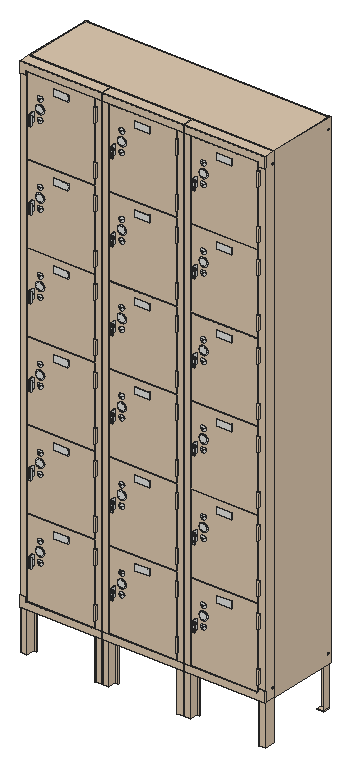
Revit family "Metal_Vented_Lockers-Salsbury_Industries-75000_76000_Series-3_Wide_Units", category Specialty Equipment, Revit 2024 (continued)
Nested families (in)
  nested 21: "Metal Locker Sloping Corner Filler" at (-19.1475, 1.8245, 77.71223), type <- "Sloping Top Corner Filler - Left Side", type "None"
  nested 22: "Vented Metal Locker Doors-12 inch with Latch Hasps" at (11.99976, -5.555, 7.09027), type <- "Door Location D1", type "Six Tier Door - 6 foot"
  nested 23: "Vented Metal Locker Doors-12 inch with Latch Hasps" at (-0.01383, -5.555, 7.09027), type <- "Door Location D1", type "Six Tier Door - 6 foot"
  nested 24: "Vented Metal Locker Doors-12 inch with Latch Hasps" at (-12.02717, -5.555, 7.09027), type <- "Door Location D1", type "Six Tier Door - 6 foot"
  nested 25: "Metal Locker Sloping Hood" at (4.595, 2.137, 78), type <- "Sloping Hood", type "None"
  nested 26: "Vented Metal Locker Doors-12 inch with Latch Hasps" at (11.99976, -5.555, 18.74776), type <- "Door Location D1", type "Six Tier Door - 6 foot"
  nested 27: "Vented Metal Locker Doors-12 inch with Latch Hasps" at (-0.01383, -5.555, 18.74776), type <- "Door Location D1", type "Six Tier Door - 6 foot"
  nested 28: "Vented Metal Locker Doors-12 inch with Latch Hasps" at (-12.02717, -5.555, 18.74776), type <- "Door Location D1", type "Six Tier Door - 6 foot"
  nested 29: "Vented Metal Locker Doors-12 inch with Latch Hasps" at (11.99976, -5.555, 30.40676), type <- "Door Location D1", type "Six Tier Door - 6 foot"
  nested 30: "Vented Metal Locker Doors-12 inch with Latch Hasps" at (-0.01383, -5.555, 30.40676), type <- "Door Location D1", type "Six Tier Door - 6 foot"
  nested 31: "Vented Metal Locker Doors-12 inch with Latch Hasps" at (-12.02717, -5.555, 30.40676), type <- "Door Location D1", type "Six Tier Door - 6 foot"
  nested 32: "Vented Metal Locker Doors-12 inch with Latch Hasps" at (11.99976, -5.555, 42.06376), type <- "Door Location D1", type "Six Tier Door - 6 foot"
  nested 33: "Vented Metal Locker Doors-12 inch with Latch Hasps" at (-0.01383, -5.555, 42.06376), type <- "Door Location D1", type "Six Tier Door - 6 foot"
  nested 34: "Vented Metal Locker Doors-12 inch with Latch Hasps" at (-12.02717, -5.555, 42.06376), type <- "Door Location D1", type "Six Tier Door - 6 foot"
  nested 35: "Vented Metal Locker Doors-12 inch with Latch Hasps" at (11.99976, -5.555, 53.72076), type <- "Door Location D1", type "Six Tier Door - 6 foot"
  nested 36: "Vented Metal Locker Doors-12 inch with Latch Hasps" at (-0.01383, -5.555, 53.72076), type <- "Door Location D1", type "Six Tier Door - 6 foot"
  nested 37: "Vented Metal Locker Doors-12 inch with Latch Hasps" at (-12.02717, -5.555, 53.72076), type <- "Door Location D1", type "Six Tier Door - 6 foot"
  nested 38: "Vented Metal Locker Doors-12 inch with Latch Hasps" at (11.99976, -5.555, 65.37776), type <- "Door Location D1", visible <- "Top Row of Doors", type "Six Tier Door - 6 foot"
  nested 39: "Vented Metal Locker Doors-12 inch with Latch Hasps" at (-0.01383, -5.555, 65.37776), type <- "Door Location D1", visible <- "Top Row of Doors", type "Six Tier Door - 6 foot"
  nested 40: "Vented Metal Locker Doors-12 inch with Latch Hasps" at (-12.02717, -5.555, 65.37776), type <- "Door Location D1", visible <- "Top Row of Doors", type "Six Tier Door - 6 foot"
  nested 41: "Vents" at (18.02, -2.385, 4.96051) x (0, 1, 0) z (0, 0, 1), type <- "Vent Configuration Height", type "6 foot high vents"
  nested 42: "Vents" at (18.02, -1.791, 5.80051) x (0, 1, 0) z (0, 0, 1), type <- "Vent Configuration Height", type "6 foot high vents"
  nested 43: "Vents" at (18.02, -1.198, 4.96051) x (0, 1, 0) z (0, 0, 1), type <- "Vent Configuration Height", type "6 foot high vents"
  nested 44: "Vents" at (18.02, -0.011, 4.96051) x (0, 1, 0) z (0, 0, 1), type <- "Vent Configuration Height", type "6 foot high vents"
  nested 45: "Vents" at (18.02, 1.176, 4.96051) x (0, 1, 0) z (0, 0, 1), type <- "Vent Configuration Height", type "6 foot high vents"
  nested 46: "Vents" at (18.02, 2.363, 4.96051) x (0, 1, 0) z (0, 0, 1), type <- "Vent Configuration Height", type "6 foot high vents"
  nested 47: "Vents" at (18.02, 3.55, 4.96051) x (0, 1, 0) z (0, 0, 1), type <- "Vent Configuration Height", type "6 foot high vents"
  nested 48: "Vents" at (18.02, -0.604, 5.80051) x (0, 1, 0) z (0, 0, 1), type <- "Vent Configuration Height", type "6 foot high vents"
  nested 49: "Vents" at (18.02, 0.583, 5.80051) x (0, 1, 0) z (0, 0, 1), type <- "Vent Configuration Height", type "6 foot high vents"
  nested 50: "Vents" at (18.02, 1.77, 5.80051) x (0, 1, 0) z (0, 0, 1), type <- "Vent Configuration Height", type "6 foot high vents"
  nested 51: "Vents" at (18.02, 2.957, 5.80051) x (0, 1, 0) z (0, 0, 1), type <- "Vent Configuration Height", type "6 foot high vents"
  nested 52: "Vents" at (-18.02, -2.385, 4.96051) x (0, 1, 0) z (0, 0, 1), type <- "Vent Configuration Height", type "6 foot high vents"
  nested 53: "Vents" at (-18.02, -1.791, 5.80051) x (0, 1, 0) z (0, 0, 1), type <- "Vent Configuration Height", type "6 foot high vents"
  nested 54: "Vents" at (-18.02, -1.198, 4.96051) x (0, 1, 0) z (0, 0, 1), type <- "Vent Configuration Height", type "6 foot high vents"
  nested 55: "Vents" at (-18.02, -0.011, 4.96051) x (0, 1, 0) z (0, 0, 1), type <- "Vent Configuration Height", type "6 foot high vents"
  nested 56: "Vents" at (-18.02, 1.176, 4.96051) x (0, 1, 0) z (0, 0, 1), type <- "Vent Configuration Height", type "6 foot high vents"
  nested 57: "Vents" at (-18.02, 2.363, 4.96051) x (0, 1, 0) z (0, 0, 1), type <- "Vent Configuration Height", type "6 foot high vents"
  nested 58: "Vents" at (-18.02, 3.55, 4.96051) x (0, 1, 0) z (0, 0, 1), type <- "Vent Configuration Height", type "6 foot high vents"
  nested 59: "Vents" at (-18.02, -0.604, 5.80051) x (0, 1, 0) z (0, 0, 1), type <- "Vent Configuration Height", type "6 foot high vents"
  nested 60: "Vents" at (-18.02, 0.583, 5.80051) x (0, 1, 0) z (0, 0, 1), type <- "Vent Configuration Height", type "6 foot high vents"
  nested 61: "Vents" at (-18.02, 1.77, 5.80051) x (0, 1, 0) z (0, 0, 1), type <- "Vent Configuration Height", type "6 foot high vents"
  nested 62: "Vents" at (-18.02, 2.957, 5.80051) x (0, 1, 0) z (0, 0, 1), type <- "Vent Configuration Height", type "6 foot high vents"
Definition of nested family "Metal Locker Legs - 3 Wide"
  Parameters (values of type "6" High - 45"W x 18"D")
    Width = 45.040"
    Visible = yes
    Version = "1.0 (11/30/15)"
    Type Comments = "Standard Metal Locker Legs"
    Primary Structure Material = none
    Model = "n/a"
    MasterFormat Title = ""
    MasterFormat Number = ""
    Manufacturer = "Salsbury Industries"
    Description = "45\"W x 6\" H x 18\"D"
    Depth = 18.010"
    Height = 6.000"
    Default Elevation = 0.000"
    Assembly Code = ""
  Types (6): name | Width | Visible | Type Comments | Description | Depth
    6" High - 36" W x 12" D | 36.040" | yes | "Standard Metal Locker Legs" | "36\"W x 6\" H x 12\"D" | 12.010"
    6" High - 36" W x 15" D | 36.040" | yes | "Standard Metal Locker Legs" | "36\"W x 6\" H x 15\"D" | 15.010"
    6" High - 36"W x 18"D | 36.040" | yes | "Standard Metal Locker Legs" | "36\"W x 6\" H x 18\"D" | 18.010"
    6" High - 45"W x 15"D | 45.040" | yes | "Standard Metal Locker Legs" | "45\"W x 6\" H x 15\"D" | 15.010"
    6" High - 45"W x 18"D | 45.040" | yes | "Standard Metal Locker Legs" | "45\"W x 6\" H x 18\"D" | 18.010"
    No Legs | 36.040" | no | "No Legs" | "" | 12.010"
  Reference planes (in)
    plane 1 "Center (Front/Back)": y = 0
    plane 2: z = 0
    plane 3 "Center (Left/Right)": x = 0
    plane 4 "Floor": z = 0
    plane 5 "Bottom of Unit": z = 6
    plane 6 "Left Side of Unit": x = -22.52
    plane 7 "Right Side of Unit": x = 22.52
    plane 8 "Back of Unit": y = 9.005
    plane 9 "Front of Unit": y = -9.005
    plane 10 "Right Side of Door Opening": x = 21.52
    plane 11 "Left Side of Door Opening": x = -21.52
    plane 12 "Top of back legs": z = 6.185
    plane 13 "Back Edge of Front Facing": y = -7.417
    plane 14 "Inside Edge of Front Leg": x = -21.08
    plane 15 "Inside Edge of Right Leg": x = 21.08
    plane 16: y = -7.82
    plane 17 "Back Edge of Rear Legs": y = 8.895
    plane 18 "Right Edge of Rear Right Leg": x = 22.4
    plane 19 "Left Edge or Rear Left Leg": x = -22.4
    plane 20: y = 7.895
    plane 21 "Inside Edge or Rear Right Leg": x = 21.4
    plane 22 "Inside Edge or Left Rear Leg": x = -21.4
    plane 23: x = 7.50667
    plane 24: x = -7.50667
  Forms (in)
    Extrusion 1, solid, material <- "Primary Structure Material", visible <- "Visible"
      sketch origin (0, 0, 0) x (0, -1, 0) y (1, 0, 0)
        loop
          line (7.417, 22.52) -> (7.417, 22.46) -> (8.945, 22.46) -> (8.945, 21.58) -> (7.76, 21.58) -> (7.76, 21.08) -> (7.82, 21.08) -> (7.82, 21.52) -> (9.005, 21.52) -> (9.005, 22.52) -> (7.417, 22.52)
      from 0 to 6
    Extrusion 2, solid, material <- "Primary Structure Material", visible <- "Visible"
      sketch origin (0, 0, 0) x (0, -1, 0) y (1, 0, 0)
        loop
          line (7.417, -22.52) -> (9.005, -22.52) -> (9.005, -21.52) -> (7.82, -21.52) -> (7.82, -21.08) -> (7.76, -21.08) -> (7.76, -21.58) -> (8.945, -21.58) -> (8.945, -22.46) -> (7.417, -22.46) -> (7.417, -22.52)
      from 0 to 6
    Extrusion 3, solid, material <- "Primary Structure Material", visible <- "Visible"
      sketch origin (0, 0, 0) x (0, -1, 0) y (1, 0, 0)
        loop
          line (-8.895, 22.4) -> (-8.895, 21.4) -> (-8.835, 21.4) -> (-8.835, 22.34) -> (-7.895, 22.34) -> (-7.895, 22.4) -> (-8.895, 22.4)
      from 0.06 to 6.185
    Extrusion 4, solid, material <- "Primary Structure Material", visible <- "Visible"
      sketch origin (0, 0, 0) x (0, -1, 0) y (1, 0, 0)
        loop
          line (-8.895, 22.4) -> (-8.895, 21.4) -> (-7.895, 21.4) -> (-7.895, 22.4) -> (-8.895, 22.4)
      from 0 to 0.06
    Extrusion 5, solid, material <- "Primary Structure Material", visible <- "Visible"
      sketch origin (0, 0, 0) x (0, -1, 0) y (1, 0, 0)
        loop
          line (-8.895, -22.4) -> (-7.895, -22.4) -> (-7.895, -22.34) -> (-8.835, -22.34) -> (-8.835, -21.4) -> (-8.895, -21.4) -> (-8.895, -22.4)
      from 0.06 to 6.185
    Extrusion 6, solid, material <- "Primary Structure Material", visible <- "Visible"
      sketch origin (0, 0, 0) x (0, -1, 0) y (1, 0, 0)
        loop
          line (-8.895, -22.4) -> (-7.895, -22.4) -> (-7.895, -21.4) -> (-8.895, -21.4) -> (-8.895, -22.4)
      from 0 to 0.06
    Extrusion 7, solid, material <- "Primary Structure Material", visible <- "Visible"
      sketch origin (12, 0, 0) x (0, -1, 0) y (1, 0, 0)
        loop
          line (7.417, -19.50667) -> (9.005, -19.50667) -> (9.005, -18.50667) -> (7.82, -18.50667) -> (7.82, -18.06667) -> (7.76, -18.06667) -> (7.76, -18.56667) -> (8.945, -18.56667) -> (8.945, -19.44667) -> (7.417, -19.44667) -> (7.417, -19.50667)
      from 0 to 6
    Extrusion 8, solid, material <- "Primary Structure Material", visible <- "Visible"
      sketch origin (24.04, 0, 0) x (0, -1, 0) y (1, 0, 0)
        loop
          line (7.417, -16.53333) -> (9.005, -16.53333) -> (9.005, -15.53333) -> (7.82, -15.53333) -> (7.82, -15.09333) -> (7.76, -15.09333) -> (7.76, -15.59333) -> (8.945, -15.59333) -> (8.945, -16.47333) -> (7.417, -16.47333) -> (7.417, -16.53333)
      from 0 to 6
    Extrusion 9, solid, material <- "Primary Structure Material", visible <- "Visible"
      sketch origin (-12, 0, 0) x (0, -1, 0) y (1, 0, 0)
        loop
          line (7.417, 19.50667) -> (7.417, 19.44667) -> (8.945, 19.44667) -> (8.945, 18.56667) -> (7.76, 18.56667) -> (7.76, 18.06667) -> (7.82, 18.06667) -> (7.82, 18.50667) -> (9.005, 18.50667) -> (9.005, 19.50667) -> (7.417, 19.50667)
      from 0 to 6
    Extrusion 10, solid, material <- "Primary Structure Material", visible <- "Visible"
      sketch origin (-24.04, 0, 0) x (0, -1, 0) y (1, 0, 0)
        loop
          line (7.417, 16.53333) -> (7.417, 16.47333) -> (8.945, 16.47333) -> (8.945, 15.59333) -> (7.76, 15.59333) -> (7.76, 15.09333) -> (7.82, 15.09333) -> (7.82, 15.53333) -> (9.005, 15.53333) -> (9.005, 16.53333) -> (7.417, 16.53333)
      from 0 to 6
  Dimensions and locks (in)
    equal spacing: plane 6 "Left Side of Unit", plane 3 "Center (Left/Right)", plane 7 "Right Side of Unit"
    "Width": plane 6 "Left Side of Unit" to plane 7 "Right Side of Unit"
    "Height": plane 5 "Bottom of Unit" to plane 4 "Floor"
    equal spacing: plane 9 "Front of Unit", plane 1 "Center (Front/Back)", plane 8 "Back of Unit"
    "Depth": plane 9 "Front of Unit" to plane 8 "Back of Unit"
    plane 12 "Top of back legs" to plane 5 "Bottom of Unit" = 0.185"
    plane 6 "Left Side of Unit" to plane 11 "Left Side of Door Opening" = 1.000"
    plane 10 "Right Side of Door Opening" to plane 7 "Right Side of Unit" = 1.000"
    locked: plane 9 "Front of Unit" to plane 13 "Back Edge of Front Facing" at 1.588
    plane 11 "Left Side of Door Opening" to plane 14 "Inside Edge of Front Leg" = 0.440"
    plane 15 "Inside Edge of Right Leg" to plane 10 "Right Side of Door Opening" = 0.440"
    plane 9 "Front of Unit" to plane 16 = 1.185"
    plane 15 "Inside Edge of Right Leg" to plane 21 "Inside Edge or Rear Right Leg" to plane 10 "Right Side of Door Opening" to plane 18 "Right Edge of Rear Right Leg" to plane 7 "Right Side of Unit" = 0.320", 0.120", 0.880", 0.120"
    plane 6 "Left Side of Unit" to plane 19 "Left Edge or Rear Left Leg" to plane 11 "Left Side of Door Opening" to plane 22 "Inside Edge or Left Rear Leg" to plane 14 "Inside Edge of Front Leg" = 0.120", 0.880", 0.120", 0.320"
    plane 20 to plane 17 "Back Edge of Rear Legs" to plane 8 "Back of Unit" = 1.000", 0.110"
    equal spacing: plane 6 "Left Side of Unit", plane 24, plane 23, plane 7 "Right Side of Unit"
    aligned and locked: level to plane 2
    aligned and locked: Extrusion 3 to Extrusion 4
    aligned and locked: Extrusion 6 to Extrusion 5
    aligned and locked: Extrusion 3 to plane 18 "Right Edge of Rear Right Leg"
    aligned and locked: Extrusion 3 to plane 17 "Back Edge of Rear Legs"
    aligned and locked: Extrusion 5 to plane 19 "Left Edge or Rear Left Leg"
    aligned and locked: plane 17 "Back Edge of Rear Legs" to Extrusion 5
    aligned and locked: plane 5 "Bottom of Unit" to Extrusion 2
    aligned and locked: Extrusion 1 to plane 5 "Bottom of Unit"
    aligned and locked: Extrusion 3 to plane 12 "Top of back legs"
    aligned and locked: plane 12 "Top of back legs" to Extrusion 5
  Automatic sketch dimensions
    plane 13 "Back Edge of Front Facing" to Extrusion 1 sketch curve = 0.000"
    Extrusion 1 sketch curve to plane 15 "Inside Edge of Right Leg" = 0.000"
    plane 16 to Extrusion 1 sketch curve = 0.000"
    Extrusion 1 sketch curve to plane 7 "Right Side of Unit" = 0.000"
    plane 9 "Front of Unit" to Extrusion 1 sketch curve = 0.000"
    Extrusion 1 sketch curve to plane 10 "Right Side of Door Opening" = 0.000"
    Extrusion 1 sketch curve to plane 16 = 0.060"
    Extrusion 1 sketch curve to plane 9 "Front of Unit" = 0.060"
    Extrusion 1 sketch curve to plane 10 "Right Side of Door Opening" = 0.060"
    plane 7 "Right Side of Unit" to Extrusion 1 sketch curve = 0.060"
    Extrusion 2 sketch curve to plane 13 "Back Edge of Front Facing" = 0.000"
    Extrusion 2 sketch curve to plane 14 "Inside Edge of Front Leg" = 0.000"
    Extrusion 2 sketch curve to plane 16 = 0.000"
    Extrusion 2 sketch curve to plane 6 "Left Side of Unit" = 0.000"
    Extrusion 2 sketch curve to plane 9 "Front of Unit" = 0.000"
    Extrusion 2 sketch curve to plane 11 "Left Side of Door Opening" = 0.000"
    plane 16 to Extrusion 2 sketch curve = 0.060"
    plane 9 "Front of Unit" to Extrusion 2 sketch curve = 0.060"
    Extrusion 2 sketch curve to plane 11 "Left Side of Door Opening" = 0.060"
    plane 6 "Left Side of Unit" to Extrusion 2 sketch curve = 0.060"
    plane 17 "Back Edge of Rear Legs" to Extrusion 3 sketch curve = 0.000"
    Extrusion 3 sketch curve to plane 21 "Inside Edge or Rear Right Leg" = 0.000"
    Extrusion 3 sketch curve to plane 18 "Right Edge of Rear Right Leg" = 0.000"
    plane 20 to Extrusion 3 sketch curve = 0.000"
    plane 17 "Back Edge of Rear Legs" to Extrusion 3 sketch curve = 0.060"
    plane 18 "Right Edge of Rear Right Leg" to Extrusion 3 sketch curve = 0.060"
    plane 17 "Back Edge of Rear Legs" to Extrusion 4 sketch curve = 0.000"
    Extrusion 4 sketch curve to plane 18 "Right Edge of Rear Right Leg" = 0.000"
    plane 20 to Extrusion 4 sketch curve = 0.000"
    Extrusion 4 sketch curve to plane 21 "Inside Edge or Rear Right Leg" = 0.000"
    Extrusion 5 sketch curve to plane 17 "Back Edge of Rear Legs" = 0.000"
    Extrusion 5 sketch curve to plane 22 "Inside Edge or Left Rear Leg" = 0.000"
    Extrusion 5 sketch curve to plane 19 "Left Edge or Rear Left Leg" = 0.000"
    Extrusion 5 sketch curve to plane 20 = 0.000"
    Extrusion 5 sketch curve to plane 17 "Back Edge of Rear Legs" = 0.060"
    Extrusion 5 sketch curve to plane 19 "Left Edge or Rear Left Leg" = 0.060"
    Extrusion 6 sketch curve to plane 17 "Back Edge of Rear Legs" = 0.000"
    Extrusion 6 sketch curve to plane 19 "Left Edge or Rear Left Leg" = 0.000"
    Extrusion 6 sketch curve to plane 20 = 0.000"
    Extrusion 6 sketch curve to plane 22 "Inside Edge or Left Rear Leg" = 0.000"
    plane 13 "Back Edge of Front Facing" to Extrusion 7 sketch curve = 0.000"
    plane 16 to Extrusion 7 sketch curve = 0.000"
    plane 9 "Front of Unit" to Extrusion 7 sketch curve = 0.000"
    Extrusion 7 sketch curve to plane 24 = 0.000"
    plane 16 to Extrusion 7 sketch curve = 0.060"
    plane 9 "Front of Unit" to Extrusion 7 sketch curve = 0.060"
    plane 24 to Extrusion 7 sketch curve = 0.060"
    plane 24 to Extrusion 7 sketch curve = 0.940"
    Extrusion 7 sketch curve to Extrusion 7 sketch curve = 0.060"
    Extrusion 7 sketch curve to Extrusion 7 sketch curve = 0.440"
    plane 13 "Back Edge of Front Facing" to Extrusion 8 sketch curve = 0.000"
    plane 16 to Extrusion 8 sketch curve = 0.000"
    plane 9 "Front of Unit" to Extrusion 8 sketch curve = 0.000"
    Extrusion 8 sketch curve to plane 23 = 0.000"
    plane 16 to Extrusion 8 sketch curve = 0.060"
    plane 9 "Front of Unit" to Extrusion 8 sketch curve = 0.060"
    plane 23 to Extrusion 8 sketch curve = 0.060"
    plane 23 to Extrusion 8 sketch curve = 0.940"
    Extrusion 8 sketch curve to Extrusion 8 sketch curve = 0.060"
    Extrusion 8 sketch curve to Extrusion 8 sketch curve = 0.440"
    plane 13 "Back Edge of Front Facing" to Extrusion 9 sketch curve = 0.000"
    plane 16 to Extrusion 9 sketch curve = 0.000"
    plane 9 "Front of Unit" to Extrusion 9 sketch curve = 0.000"
    Extrusion 9 sketch curve to plane 23 = 0.000"
    Extrusion 9 sketch curve to plane 16 = 0.060"
    Extrusion 9 sketch curve to plane 9 "Front of Unit" = 0.060"
    plane 23 to Extrusion 9 sketch curve = 0.060"
    plane 23 to Extrusion 9 sketch curve = 0.940"
    Extrusion 9 sketch curve to Extrusion 9 sketch curve = 0.060"
    Extrusion 9 sketch curve to Extrusion 9 sketch curve = 0.440"
    plane 13 "Back Edge of Front Facing" to Extrusion 10 sketch curve = 0.000"
    plane 16 to Extrusion 10 sketch curve = 0.000"
    plane 9 "Front of Unit" to Extrusion 10 sketch curve = 0.000"
    Extrusion 10 sketch curve to plane 24 = 0.000"
    Extrusion 10 sketch curve to plane 16 = 0.060"
    Extrusion 10 sketch curve to plane 9 "Front of Unit" = 0.060"
    plane 24 to Extrusion 10 sketch curve = 0.060"
    plane 24 to Extrusion 10 sketch curve = 0.940"
    Extrusion 10 sketch curve to Extrusion 10 sketch curve = 0.060"
    Extrusion 10 sketch curve to Extrusion 10 sketch curve = 0.440"
Definition of nested family "Vented Metal Locker Doors-12 inch with Latch Hasps"
  Parameters (values of type "Four Tier Door - 6 foot")
    Width = 9.901"
    Visible = yes
    Vent Array Spacing = 1.187"
    Vent Array 2 = if(Height = 17.360", 10, if(Height = 14.360", 8, if(Height = 11.532", 6, if(Height = 11.463", 6, 0))))  # 10
    Vent Array 1 = Vent Array 2  # 10
    Primary Structure Material = none
    Louver Set Vertical Alignment = 5.710"
    Number Plate Alignment = 0.9375"
    Louver Width = 4.000"
    Hinge 2 Placement = 14.142"
    Hinge 1 Placement = 1.125"
    Height = 17.360"
    Hasp Plate Rivet Material = none
    Hasp Height = 1.438"
    First Vent Placement = 2.875"
    Depth = 0.900"
    Default Elevation = 0.000"
  Types (4): name | Vent Array 2 | Vent Array 1 | Louver Set Vertical Alignment | Hinge 2 Placement | Height | First Vent Placement
    Six Tier Door - 6 foot | 6 | 6 | 2.731" | 8.449" | 11.532" | 2.3925"
    Five Tier Door - 5 foot | 6 | 6 | 2.826" | 8.188" | 11.463" | 2.3925"
    Four Tier Door - 6 foot | 10 | 10 | 5.710" | 14.142" | 17.360" | 2.875"
    Four Tier Door - 5 foot | 8 | 8 | 4.240" | 11.142" | 14.360" | 2.625"
  Reference planes (in)
    plane 1 "Center (Front/Back)": y = 0
    plane 2 "Bottom of Door": z = 0
    plane 3 "Center (Left/Right)": x = 0
    plane 4 "Center (Top/Bottom)": z = 8.68
    plane 5 "Top of Door": z = 17.36
    plane 6 "Right Side of Door": x = 4.9505
    plane 7 "Left Side of Door": x = -4.9505
    plane 8 "Front of Door": y = -0.45
    plane 9 "Back of Door": y = 0.45
    plane 10 "Top of Number Plate": z = 16.4225
    plane 11 "Top of Hasp Alignment": z = 9.399
    plane 12 "Bottom of Hasp Alignment": z = 7.961
    plane 13 "Left Side of Louvers": x = -2
    plane 14 "Right Side of Louvers": x = 2
    plane 15 "Front of Louvers": y = -0.6375
    plane 16: x = -1.094
    plane 17: x = 1.094
    plane 18: z = 15.4225
    plane 19 "Center Hasp": x = -1.7755
    plane 20 "Top of Hinge 2": z = 3.218
    plane 21 "Top of Hinge 1": z = 16.235
    plane 22 "Left Hasp Hole Align": x = -4.263
    plane 23 "Right Hasp Hole Align": x = -4.013
    plane 24 "Center Hasp Stud Align": z = 10.09841
    plane 25 "Top Hasp Stud Align": z = 11.51682
    plane 26 "Vertical Hasp Stud Align": x = -3.076
    plane 27 "Vertical Center Hasp Align": x = -4.13777
    plane 28: z = 2.875
    plane 29: z = 3.46558
    plane 30: z = 4.062
    plane 31: z = 4.65258
  Forms (in)
    Extrusion 1, solid, material <- "Primary Structure Material", visible <- "Visible"
      sketch origin (0, 0, 0) x (1, 0, 0) y (0, 0, 1)
        loop
          line (-4.9505, 17.36) -> (-4.9505, 0) -> (4.9505, 0) -> (4.9505, 17.36) -> (-4.9505, 17.36)
      from -0.45 to 0.45
    Extrusion 2, solid, material <- "Hasp Plate Rivet Material", visible <- "Visible", detail levels medium+fine
      sketch origin (0, -0.45, 0) x (1, 0, 0) y (0, 0, 1)
        loop
          arc (-1.06847, 16.38695) -> (-1.10166, 15.92421) -> (-1.06847, 15.46147) r 3.2426
          arc (-1.06847, 15.46147) -> (0, 15.42272) -> (1.06847, 15.46147) r 14.75
          arc (1.06847, 15.46147) -> (1.10166, 15.92421) -> (1.06847, 16.38695) r 3.2426
          arc (1.06847, 16.38695) -> (0, 16.41487) -> (-1.06847, 16.38695) r 20.45441
      from 0 to 0.03497
    Extrusion 3, void
      sketch origin (-1.7755, -0.13281, 0.04687) x (0, 0, -1) y (0, -1, 0)
        loop
          circle (-8.35677, -0.16411) r 0.2
      from -0.163 to 0.163
    Extrusion 4, solid, material <- "Primary Structure Material", visible <- "Visible", detail levels medium+fine
      sketch origin (0, 0, 16.235) x (0, -1, 0) y (1, 0, 0)
        loop
          line (0.45, 4.9505) -> (0.575, 4.9505)
          arc (0.575, 4.9505) -> (0.7, 5.0755) -> (0.575, 5.2005) r 0.125
          line (0.575, 5.2005) -> (0.45, 5.2005) -> (0.45, 4.9505)
      from 0 to -2
    Extrusion 5, solid, material <- "Primary Structure Material", visible <- "Visible", detail levels medium+fine
      sketch origin (0, 0, 3.218) x (0, -1, 0) y (1, 0, 0)
        loop
          line (0.45, 4.9505) -> (0.575, 4.9505)
          arc (0.575, 4.9505) -> (0.7, 5.0755) -> (0.575, 5.2005) r 0.125
          line (0.575, 5.2005) -> (0.45, 5.2005) -> (0.45, 4.9505)
      from 0 to -2
    Extrusion 6, void
      sketch origin (0, -0.45, 0) x (1, 0, 0) y (0, 0, 1)
        loop
          line (-4.263, 9.399) -> (-4.263, 7.961) -> (-4.013, 7.961) -> (-4.013, 9.399) -> (-4.263, 9.399)
      from -0.9 to 0
    Blend 7, solid, material <- "Hasp Plate Rivet Material", visible <- "Visible", detail levels fine
      base sketch origin (0, -0.45, 0) x (1, 0, 0) y (0, 0, 1)
        loop
          circle (-3.076, 8.68) r 0.375
      top sketch origin (0, -0.45, 0) x (1, 0, 0) y (0, 0, 1)
        loop
          circle (-3.076, 8.68) r 0.09706
      from 0 to 0.03497
    Blend 8, solid, material <- "Hasp Plate Rivet Material", visible <- "Visible", detail levels fine
      base sketch origin (0, -0.45, 2.83682) x (1, 0, 0) y (0, 0, 1)
        loop
          circle (-3.076, 8.68) r 0.375
      top sketch origin (0, -0.45, 2.83682) x (1, 0, 0) y (0, 0, 1)
        loop
          circle (-3.076, 8.68) r 0.09706
      from 0 to 0.03497
    Blend 9, solid, material <- "Hasp Plate Rivet Material", visible <- "Visible", detail levels fine
      base sketch origin (0, -0.45, -0.16841) x (1, 0, 0) y (0, 0, 1)
        loop
          circle (-3.076, 10.26682) r 0.625
      top sketch origin (0, -0.45, -0.16841) x (1, 0, 0) y (0, 0, 1)
        loop
          circle (-3.076, 10.26682) r 0.58088
      from 0 to 0.03497
    Extrusion 10, solid, material <- "Hasp Plate Rivet Material", visible <- "Visible", detail levels fine
      sketch origin (0, 0, 7.961) x (0, -1, 0) y (1, 0, 0)
        loop
          line (-0.45, -4.07527) -> (-0.45, -4.13777) -> (1.2, -4.13777)
          arc (1.2, -4.13777) -> (1.24419, -4.11946) -> (1.2625, -4.07527) r 0.0625
          line (1.2625, -4.07527) -> (1.2625, -3.76277) -> (1.20579, -3.76277) -> (1.20579, -4.0127)
          arc (1.20579, -4.0127) -> (1.18746, -4.05694) -> (1.14322, -4.07527) r 0.06257
          line (1.14322, -4.07527) -> (-0.45, -4.07527)
      from 0 to 1.438
    Extrusion 11, solid, material <- "Hasp Plate Rivet Material", visible <- "Visible", detail levels fine
      sketch origin (0, 0, 7.961) x (0, -1, 0) y (1, 0, 0)
        loop
          line (-0.45, -4.20027) -> (1.2625, -4.20027) -> (1.2625, -4.13777) -> (-0.45, -4.13777) -> (-0.45, -4.20027)
      from 0 to 1.438
    Extrusion 12, void
      sketch origin (-4.013, 0, 0) x (0, 0, -1) y (0, -1, 0)
        loop
          circle (-8.68, 0.82219) r 0.375
      from 0 to 0.25
  Cuts and joins
    Extrusion 3, Extrusion 6 cuts Extrusion 1
    Extrusion 12 cuts Extrusion 10
    Extrusion 12 cuts Extrusion 11
  Lines and regions (in)
    symbolic lines
      curve 1: line (-4.20027, -0.44719, 7.961) -> (-4.20027, -1.2625, 7.961)
      curve 2: line (-4.20027, -1.2625, 7.961) -> (-4.13777, -1.2625, 7.961)
      curve 3: line (-4.13777, -1.2625, 7.961) -> (-4.13777, -0.45, 7.961)
      curve 4: line (-4.07527, -0.44719, 7.961) -> (-4.07527, -1.14322, 7.961)
      curve 5: line (-4.0127, -1.20579, 7.961) -> (-3.76277, -1.20579, 7.961)
      curve 6: line (-3.76277, -1.20579, 7.961) -> (-3.76277, -1.2625, 7.961)
      curve 7: line (-3.76277, -1.2625, 7.961) -> (-4.07527, -1.2625, 7.961)
      curve 8: arc (-4.07527, -1.14322, 7.961) -> (-4.05694, -1.18746, 7.961) -> (-4.0127, -1.20579, 7.961) r 0.06257
      curve 9: arc (-4.07527, -1.2625, 7.961) -> (-4.11946, -1.24419, 7.961) -> (-4.13777, -1.2, 7.961) r 0.0625
      curve 10: line (-4.013, -0.45, 9.40058) -> (-4.013, -1.26256, 9.40058)
      curve 11: line (-4.013, -1.26256, 9.40058) -> (-4.013, -1.26256, 7.9612)
      curve 12: line (-4.013, -1.26256, 7.9612) -> (-4.013, -0.45309, 7.9612)
      curve 13: line (-4.263, -0.45, 9.399) -> (-4.20027, -0.45, 9.399)
      curve 14: line (-4.263, -0.45, 7.961) -> (-4.263, -0.45, 9.399)
      curve 15: line (-4.20027, -0.45, 7.961) -> (-4.263, -0.45, 7.961)
      curve 16: line (-4.20027, -0.45, 9.399) -> (-4.20027, -0.45, 7.961)
      curve 17: line (-4.20027, -0.45, 9.399) -> (-3.76277, -0.45, 9.399)
      curve 18: line (-4.20027, -0.45, 7.961) -> (-3.76277, -0.45, 7.961)
      curve 19: line (-3.76277, -0.45, 9.399) -> (-3.76277, -0.45, 7.961)
      curve 20: circle (-3.076, -0.45, 11.51682) r 0.371 normal (0, -1, 0)
      curve 21: circle (-3.076, -0.45, 8.68) r 0.375 normal (0, -1, 0)
      curve 22: circle (-3.076, -0.45, 10.09841) r 0.62368 normal (0, -1, 0)
      curve 23: line (-4.9505, -0.45, 17.36) -> (4.9505, -0.45, 17.36)
      curve 24: line (-4.9505, -0.45, 0) -> (-4.9505, -0.45, 17.36)
      curve 25: line (4.9505, -0.45, 0) -> (-4.9505, -0.45, 0)
      curve 26: line (4.9505, -0.45, 17.36) -> (4.9505, -0.45, 0)
  Dimensions and locks (in)
    equal spacing: plane 5 "Top of Door", plane 4 "Center (Top/Bottom)", plane 2 "Bottom of Door"
    "Height": plane 5 "Top of Door" to plane 2 "Bottom of Door"
    equal spacing: plane 8 "Front of Door", plane 1 "Center (Front/Back)", plane 9 "Back of Door"
    "Depth": plane 8 "Front of Door" to plane 9 "Back of Door"
    equal spacing: plane 7 "Left Side of Door", plane 3 "Center (Left/Right)", plane 6 "Right Side of Door"
    "Width": plane 7 "Left Side of Door" to plane 6 "Right Side of Door"
    "Number Plate Alignment": plane 5 "Top of Door" to plane 10 "Top of Number Plate" to plane 18
    equal spacing: plane 13 "Left Side of Louvers", plane 3 "Center (Left/Right)", plane 14 "Right Side of Louvers"
    "Louver Width": plane 13 "Left Side of Louvers" to plane 14 "Right Side of Louvers"
    plane 25 "Top Hasp Stud Align" to plane 24 "Center Hasp Stud Align" to plane 11 "Top of Hasp Alignment" to plane 4 "Center (Top/Bottom)" to plane 12 "Bottom of Hasp Alignment" = 1.41841", 0.69941", 0.719", 0.719"
    "Hasp Height": plane 11 "Top of Hasp Alignment" to plane 12 "Bottom of Hasp Alignment"
    locked: plane 15 "Front of Louvers" to plane 8 "Front of Door" at 0.1875
    plane 16 to plane 3 "Center (Left/Right)" to plane 17 = 1.094" locked, 1.094" locked
    "Hinge 1 Placement": plane 5 "Top of Door" to plane 21 "Top of Hinge 1"
    "Hinge 2 Placement": plane 5 "Top of Door" to plane 20 "Top of Hinge 2"
    plane 7 "Left Side of Door" to plane 22 "Left Hasp Hole Align" to plane 23 "Right Hasp Hole Align" to plane 26 "Vertical Hasp Stud Align" = 0.6875" locked, 0.250" locked, 0.937" locked
    equal spacing: group 1, group 2, group 3, group 4, group 5, group 6, group 13, group 14, group 15, group 16  (x3)
    equal spacing: group 7, group 8, group 9, group 10, group 11, group 12, group 17, group 18, group 19, group 20  (x3)
    "Vent Array Spacing": plane 30 to plane 28
    "First Vent Placement": plane 28 to plane 2 "Bottom of Door"
    "Vent Array Spacing": plane 31 to plane 29
    locked: plane 29 to plane 28 at 0.59058
    aligned and locked: level to plane 2 "Bottom of Door"
    aligned and locked: plane 5 "Top of Door" to Extrusion 1 sketch curve
    aligned and locked: Extrusion 1 sketch curve to plane 7 "Left Side of Door"
    aligned and locked: plane 2 "Bottom of Door" to Extrusion 1 sketch curve
    aligned and locked: plane 6 "Right Side of Door" to Extrusion 1 sketch curve
    aligned and locked: plane 11 "Top of Hasp Alignment" to Extrusion 6 sketch curve
    aligned and locked: Extrusion 6 sketch curve to plane 22 "Left Hasp Hole Align"
    aligned and locked: Extrusion 6 sketch curve to plane 12 "Bottom of Hasp Alignment"
    aligned and locked: plane 23 "Right Hasp Hole Align" to Extrusion 6 sketch curve
    aligned and locked: plane 25 "Top Hasp Stud Align" to Blend 8 sketch curve  (x2)
    aligned and locked: plane 4 "Center (Top/Bottom)" to Blend 7 sketch curve  (x2)
    aligned and locked: plane 24 "Center Hasp Stud Align" to Blend 9 sketch curve  (x2)
    aligned and locked: plane 27 "Vertical Center Hasp Align" to Extrusion 11 sketch curve
    aligned and locked: plane 27 "Vertical Center Hasp Align" to Extrusion 10 sketch curve
    aligned and locked: plane 4 "Center (Top/Bottom)" to Extrusion 12 sketch curve
    aligned and locked: plane 3 "Center (Left/Right)" to nested 1
    aligned and locked: plane 28 to nested 2
    aligned and locked: plane 29 to nested 1
    aligned and locked: plane 30 to nested 3
    aligned and locked: plane 31 to nested 8
    aligned and locked: curve 1 to cut or joined group of Extrusion 11, Extrusion 12
    aligned and locked: curve 2 to cut or joined group of Extrusion 11, Extrusion 12
    aligned and locked: curve 3 to cut or joined group of Extrusion 11, Extrusion 12
    aligned and locked: cut or joined group of Extrusion 10, Extrusion 12 to curve 4
    aligned and locked: curve 5 to cut or joined group of Extrusion 10, Extrusion 12
    aligned and locked: curve 6 to cut or joined group of Extrusion 10, Extrusion 12
    aligned and locked: curve 7 to cut or joined group of Extrusion 10, Extrusion 12
    aligned and locked: curve 10 to nested 12  (x2)
    aligned and locked: curve 13 to cut or joined group of Extrusion 1, Extrusion 3, Extrusion 6
    aligned and locked: curve 14 to cut or joined group of Extrusion 1, Extrusion 3, Extrusion 6
    aligned and locked: cut or joined group of Extrusion 11, Extrusion 12 to curve 15
    aligned and locked: curve 16 to cut or joined group of Extrusion 11, Extrusion 12
    aligned and locked: curve 13 to curve 17
    aligned and locked: curve 19 to cut or joined group of Extrusion 10, Extrusion 12
    aligned and locked: curve 23 to cut or joined group of Extrusion 1, Extrusion 3, Extrusion 6
    aligned and locked: curve 25 to cut or joined group of Extrusion 1, Extrusion 3, Extrusion 6
    aligned and locked: curve 26 to cut or joined group of Extrusion 1, Extrusion 3, Extrusion 6
  Automatic sketch dimensions
    Extrusion 2 sketch curve to plane 3 "Center (Left/Right)" = 0.000"  (x2)
    plane 13 "Left Side of Louvers" to Extrusion 2 sketch curve = 0.14094"
    Extrusion 2 sketch curve to plane 14 "Right Side of Louvers" = 0.14094"
    Extrusion 2 sketch curve to level = 4.03954"
    plane 21 "Top of Hinge 1" to Extrusion 2 sketch curve = 0.31079"  (x2)
    Extrusion 2 sketch curve to plane 5 "Top of Door" = 12.81272"
    Extrusion 2 sketch curve to plane 16 = 0.02553"  (x2)
    plane 17 to Extrusion 2 sketch curve = 0.02553"
    Extrusion 2 sketch curve to plane 18 = 0.03897"
    Extrusion 3 sketch curve to plane 1 "Center (Front/Back)" = 0.0313"
    Extrusion 4 sketch curve to plane 6 "Right Side of Door" = 0.000"
    plane 8 "Front of Door" to Extrusion 4 sketch curve = 0.000"
    Extrusion 4 sketch curve to plane 15 "Front of Louvers" = 0.0625"
    Extrusion 4 sketch curve to plane 6 "Right Side of Door" = 0.125"
    Extrusion 5 sketch curve to plane 6 "Right Side of Door" = 0.000"
    plane 8 "Front of Door" to Extrusion 5 sketch curve = 0.000"
    Extrusion 5 sketch curve to plane 15 "Front of Louvers" = 0.0625"
    Extrusion 5 sketch curve to plane 6 "Right Side of Door" = 0.125"
    plane 26 "Vertical Hasp Stud Align" to Blend 7 sketch curve = 0.000"  (x2)
    plane 26 "Vertical Hasp Stud Align" to Blend 8 sketch curve = 0.000"  (x2)
    plane 26 "Vertical Hasp Stud Align" to Blend 9 sketch curve = 0.000"  (x2)
    Extrusion 10 sketch curve to plane 1 "Center (Front/Back)" = 0.450"
    plane 23 "Right Hasp Hole Align" to Extrusion 10 sketch curve = 0.06227"
    Extrusion 10 sketch curve to plane 23 "Right Hasp Hole Align" = 0.0003"
    plane 15 "Front of Louvers" to Extrusion 10 sketch curve = 0.50572"
    Extrusion 10 sketch curve to Extrusion 10 sketch curve = 0.05678"
    Extrusion 10 sketch curve to Extrusion 10 sketch curve = 0.24993"
    plane 9 "Back of Door" to Extrusion 11 sketch curve = 0.000"
    plane 15 "Front of Louvers" to Extrusion 11 sketch curve = 0.625"
    Extrusion 11 sketch curve to plane 22 "Left Hasp Hole Align" = 0.06273"
    Extrusion 10 sketch curve to Extrusion 10 sketch curve = 0.06257"
    plane 15 "Front of Louvers" to Extrusion 12 sketch curve = 0.18469"
    plane 4 "Center (Top/Bottom)" to Extrusion 3 sketch curve = 0.27635"
    plane 8 "Front of Door" to curve 3 = 0.000"
    curve 8 to plane 23 "Right Hasp Hole Align" = 0.0003"
    curve 9 to curve 4 = 0.000"
    curve 1 to plane 8 "Front of Door" = 0.00281"
    curve 4 to plane 8 "Front of Door" = 0.00281"
    plane 15 "Front of Louvers" to curve 11 = 0.62506"
    curve 12 to plane 12 "Bottom of Hasp Alignment" = 0.0002"
    plane 8 "Front of Door" to curve 12 = 0.00309"
    plane 7 "Left Side of Door" to curve 24 = 0.000"
    curve 22 to plane 24 "Center Hasp Stud Align" = 0.000"
    plane 26 "Vertical Hasp Stud Align" to curve 22 = 0.000"
    curve 21 to plane 4 "Center (Top/Bottom)" = 0.000"
    plane 26 "Vertical Hasp Stud Align" to curve 21 = 0.000"
    curve 20 to plane 25 "Top Hasp Stud Align" = 0.000"
    plane 26 "Vertical Hasp Stud Align" to curve 20 = 0.000"
    radius of Extrusion 3 sketch curve = 0.200"
    radius of Blend 7 sketch curve = 0.375"
    radius of Blend 7 sketch curve = 0.09706"
    radius of Blend 8 sketch curve = 0.375"
    radius of Blend 8 sketch curve = 0.09706"
    radius of Blend 9 sketch curve = 0.625"
    radius of Blend 9 sketch curve = 0.58088"
    radius of Extrusion 12 sketch curve = 0.375"
    radius of curve 20 = 0.371"
    radius of curve 21 = 0.375"
    radius of curve 22 = 0.62368"
  Nested families (in)
    nested 1: "Vents - Horizontal 3" at (0, -0.45, -61.80738), type "Vents - Horizontal 3"
    nested 2: "Vents - Horizontal 2" at (2.6043, -0.45, -60.66388), type "Vents - Horizontal 2"
    nested 3: "Vents - Horizontal 2" at (2.6043, -0.45, -59.47688), type "Vents - Horizontal 2"
    nested 4: "Vents - Horizontal 2" at (2.6043, -0.45, -58.28988), type "Vents - Horizontal 2"
    nested 5: "Vents - Horizontal 2" at (2.6043, -0.45, -57.10288), type "Vents - Horizontal 2"
    nested 6: "Vents - Horizontal 2" at (2.6043, -0.45, -55.91588), type "Vents - Horizontal 2"
    nested 7: "Vents - Horizontal 2" at (2.6043, -0.45, -54.72888), type "Vents - Horizontal 2"
    nested 8: "Vents - Horizontal 3" at (0, -0.45, -60.62038), type "Vents - Horizontal 3"
    nested 9: "Vents - Horizontal 3" at (0, -0.45, -59.43338), type "Vents - Horizontal 3"
    nested 10: "Vents - Horizontal 3" at (0, -0.45, -58.24638), type "Vents - Horizontal 3"
    nested 11: "Vents - Horizontal 3" at (0, -0.45, -57.05938), type "Vents - Horizontal 3"
    nested 12: "Vents - Horizontal 3" at (0, -0.45, -55.87238), type "Vents - Horizontal 3"
    nested 13: "Vents - Horizontal 2" at (2.6043, -0.45, -53.54188), type "Vents - Horizontal 2"
    nested 14: "Vents - Horizontal 2" at (2.6043, -0.45, -52.35488), type "Vents - Horizontal 2"
    nested 15: "Vents - Horizontal 2" at (2.6043, -0.45, -51.16788), type "Vents - Horizontal 2"
    nested 16: "Vents - Horizontal 2" at (2.6043, -0.45, -49.98088), type "Vents - Horizontal 2"
    nested 17: "Vents - Horizontal 3" at (0, -0.45, -54.68538), type "Vents - Horizontal 3"
    nested 18: "Vents - Horizontal 3" at (0, -0.45, -53.49838), type "Vents - Horizontal 3"
    nested 19: "Vents - Horizontal 3" at (0, -0.45, -52.31138), type "Vents - Horizontal 3"
    nested 20: "Vents - Horizontal 3" at (0, -0.45, -51.12438), type "Vents - Horizontal 3"
  Definition of nested family "Vents - Horizontal 3"
    Parameters (values of type "Vents - Horizontal 3")
      Default Elevation = 0.000"
    Reference planes (in)
      plane 1 "Center (Front/Back)": y = 0
      plane 2: z = 0
      plane 3 "Center (Left/Right)": x = 0
    Lines and regions (in)
      model lines
        curve 1: spline (1.08625, 0, 65.3981) -> (1.05712, 0, 65.3804) -> (1.03269, 0, 65.36106) -> (1.01334, 0, 65.34039) -> (0.99936, 0, 65.31871) -> (0.99096, 0, 65.29635) -> (0.98829, 0, 65.27365) -> (0.99137, 0, 65.25097) -> (1.00016, 0, 65.22864) -> (1.01452, 0, 65.20702) -> (1.03424, 0, 65.18644) -> (1.05902, 0, 65.16721) -> (1.08846, 0, 65.14963)
        curve 2: line (1.08625, 0, 65.3981) -> (1.73835, 0, 65.64972)
        curve 3: line (1.08846, 0, 65.14963) -> (1.73762, 0, 64.89923)
        curve 4: spline (2.39008, 0, 65.39825) -> (2.41937, 0, 65.38053) -> (2.44394, 0, 65.36117) -> (2.46341, 0, 65.34048) -> (2.47747, 0, 65.31876) -> (2.48591, 0, 65.29637) -> (2.4886, 0, 65.27363) -> (2.4855, 0, 65.25091) -> (2.47665, 0, 65.22855) -> (2.46219, 0, 65.2069) -> (2.44234, 0, 65.18629) -> (2.41742, 0, 65.16704) -> (2.3878, 0, 65.14945)
        curve 5: line (2.39008, 0, 65.39825) -> (1.73835, 0, 65.64972)
        curve 6: line (2.3878, 0, 65.14945) -> (1.73762, 0, 64.89923)
        curve 13: spline (-0.65075, 0, 65.3981) -> (-0.67988, 0, 65.3804) -> (-0.70431, 0, 65.36106) -> (-0.72366, 0, 65.34039) -> (-0.73764, 0, 65.31871) -> (-0.74604, 0, 65.29635) -> (-0.74871, 0, 65.27365) -> (-0.74563, 0, 65.25097) -> (-0.73684, 0, 65.22864) -> (-0.72248, 0, 65.20702) -> (-0.70276, 0, 65.18644) -> (-0.67798, 0, 65.16721) -> (-0.64854, 0, 65.14963)
        curve 14: line (-0.65075, 0, 65.3981) -> (0.00135, 0, 65.64972)
        curve 15: line (-0.64854, 0, 65.14963) -> (0.00062, 0, 64.89923)
        curve 16: spline (0.65308, 0, 65.39825) -> (0.68237, 0, 65.38053) -> (0.70694, 0, 65.36117) -> (0.72641, 0, 65.34048) -> (0.74047, 0, 65.31876) -> (0.74891, 0, 65.29637) -> (0.7516, 0, 65.27363) -> (0.7485, 0, 65.25091) -> (0.73965, 0, 65.22855) -> (0.72519, 0, 65.2069) -> (0.70534, 0, 65.18629) -> (0.68042, 0, 65.16704) -> (0.6508, 0, 65.14945)
        curve 17: line (0.65308, 0, 65.39825) -> (0.00135, 0, 65.64972)
        curve 18: line (0.6508, 0, 65.14945) -> (0.00062, 0, 64.89923)
        curve 19: spline (-2.38775, 0, 65.3981) -> (-2.41688, 0, 65.3804) -> (-2.44131, 0, 65.36106) -> (-2.46066, 0, 65.34039) -> (-2.47464, 0, 65.31871) -> (-2.48304, 0, 65.29635) -> (-2.48571, 0, 65.27365) -> (-2.48263, 0, 65.25097) -> (-2.47384, 0, 65.22864) -> (-2.45948, 0, 65.20702) -> (-2.43976, 0, 65.18644) -> (-2.41498, 0, 65.16721) -> (-2.38554, 0, 65.14963)
        curve 20: line (-2.38775, 0, 65.3981) -> (-1.73565, 0, 65.64972)
        curve 21: line (-2.38554, 0, 65.14963) -> (-1.73638, 0, 64.89923)
        curve 22: spline (-1.08392, 0, 65.39825) -> (-1.05463, 0, 65.38053) -> (-1.03006, 0, 65.36117) -> (-1.01059, 0, 65.34048) -> (-0.99653, 0, 65.31876) -> (-0.98809, 0, 65.29637) -> (-0.9854, 0, 65.27363) -> (-0.9885, 0, 65.25091) -> (-0.99735, 0, 65.22855) -> (-1.01181, 0, 65.2069) -> (-1.03166, 0, 65.18629) -> (-1.05658, 0, 65.16704) -> (-1.0862, 0, 65.14945)
        curve 23: line (-1.08392, 0, 65.39825) -> (-1.73565, 0, 65.64972)
        curve 24: line (-1.0862, 0, 65.14945) -> (-1.73638, 0, 64.89923)
      model lines, not visible
        curve 7: spline (6.02, -6.45464, 72.16015) -> (6.02, -6.43694, 72.13102) -> (6.02, -6.4176, 72.10659) -> (6.02, -6.39694, 72.08724) -> (6.02, -6.37525, 72.07326) -> (6.02, -6.35289, 72.06486) -> (6.02, -6.33019, 72.06219) -> (6.02, -6.30751, 72.06527) -> (6.02, -6.28518, 72.07406) -> (6.02, -6.26356, 72.08842) -> (6.02, -6.24298, 72.10814) -> (6.02, -6.22375, 72.13292) -> (6.02, -6.20617, 72.16236)
        curve 8: line (6.02, -6.45464, 72.16015) -> (6.02, -6.70626, 72.81225)
        curve 9: line (6.02, -6.20617, 72.16236) -> (6.02, -5.95577, 72.81152)
        curve 10: spline (6.02, -6.45479, 73.46398) -> (6.02, -6.43707, 73.49327) -> (6.02, -6.41771, 73.51784) -> (6.02, -6.39702, 73.53731) -> (6.02, -6.3753, 73.55137) -> (6.02, -6.35291, 73.55981) -> (6.02, -6.33017, 73.5625) -> (6.02, -6.30745, 73.5594) -> (6.02, -6.28509, 73.55055) -> (6.02, -6.26344, 73.53609) -> (6.02, -6.24283, 73.51624) -> (6.02, -6.22359, 73.49132) -> (6.02, -6.20599, 73.4617)
        curve 11: line (6.02, -6.45479, 73.46398) -> (6.02, -6.70626, 72.81225)
        curve 12: line (6.02, -6.20599, 73.4617) -> (6.02, -5.95577, 72.81152)
      reference lines
        curve 25: line (-2.54644, 0, 65.27296) -> (2.54933, 0, 65.27296)
    Dimensions and locks (in)
      equal spacing: group 4, group 3, group 2  (x2)
      equal spacing: group 2, group 3, group 4
      aligned and locked: level to plane 2
  Definition of nested family "Vents - Horizontal 2"
    Parameters (values of type "Vents - Horizontal 2")
      Default Elevation = 0.000"
    Reference planes (in)
      plane 1 "Center (Front/Back)": y = 0
      plane 2: z = 0
      plane 3 "Center (Left/Right)": x = 0
    Lines and regions (in)
      model lines
        curve 1: spline (-2.82036, 0, 63.41385) -> (-2.79123, 0, 63.43156) -> (-2.7668, 0, 63.45089) -> (-2.74745, 0, 63.47156) -> (-2.73347, 0, 63.49324) -> (-2.72507, 0, 63.5156) -> (-2.72239, 0, 63.5383) -> (-2.72547, 0, 63.56099) -> (-2.73427, 0, 63.58331) -> (-2.74863, 0, 63.60493) -> (-2.76835, 0, 63.62552) -> (-2.79312, 0, 63.64475) -> (-2.82257, 0, 63.66233)
        curve 2: line (-2.82036, 0, 63.41385) -> (-3.47246, 0, 63.16223)
        curve 3: line (-2.82257, 0, 63.66233) -> (-3.47173, 0, 63.91272)
        curve 4: spline (-4.12419, 0, 63.41371) -> (-4.15348, 0, 63.43143) -> (-4.17805, 0, 63.45078) -> (-4.19752, 0, 63.47148) -> (-4.21158, 0, 63.49319) -> (-4.22002, 0, 63.51559) -> (-4.22271, 0, 63.53832) -> (-4.21961, 0, 63.56104) -> (-4.21076, 0, 63.5834) -> (-4.1963, 0, 63.60505) -> (-4.17645, 0, 63.62566) -> (-4.15153, 0, 63.64491) -> (-4.12191, 0, 63.6625)
        curve 5: line (-4.12419, 0, 63.41371) -> (-3.47246, 0, 63.16223)
        curve 6: line (-4.12191, 0, 63.6625) -> (-3.47173, 0, 63.91272)
        curve 13: spline (-1.08336, 0, 63.41385) -> (-1.05423, 0, 63.43156) -> (-1.0298, 0, 63.45089) -> (-1.01045, 0, 63.47156) -> (-0.99647, 0, 63.49324) -> (-0.98807, 0, 63.5156) -> (-0.98539, 0, 63.5383) -> (-0.98847, 0, 63.56099) -> (-0.99727, 0, 63.58331) -> (-1.01163, 0, 63.60493) -> (-1.03135, 0, 63.62552) -> (-1.05612, 0, 63.64475) -> (-1.08557, 0, 63.66233)
        curve 14: line (-1.08336, 0, 63.41385) -> (-1.73546, 0, 63.16223)
        curve 15: line (-1.08557, 0, 63.66233) -> (-1.73473, 0, 63.91272)
        curve 16: spline (-2.38719, 0, 63.41371) -> (-2.41648, 0, 63.43143) -> (-2.44105, 0, 63.45078) -> (-2.46052, 0, 63.47148) -> (-2.47458, 0, 63.49319) -> (-2.48302, 0, 63.51559) -> (-2.48571, 0, 63.53832) -> (-2.48261, 0, 63.56104) -> (-2.47376, 0, 63.5834) -> (-2.4593, 0, 63.60505) -> (-2.43945, 0, 63.62566) -> (-2.41453, 0, 63.64491) -> (-2.38491, 0, 63.6625)
        curve 17: line (-2.38719, 0, 63.41371) -> (-1.73546, 0, 63.16223)
        curve 18: line (-2.38491, 0, 63.6625) -> (-1.73473, 0, 63.91272)
      model lines, not visible
        curve 7: spline (6.02, -6.45464, 72.16015) -> (6.02, -6.43694, 72.13102) -> (6.02, -6.4176, 72.10659) -> (6.02, -6.39694, 72.08724) -> (6.02, -6.37525, 72.07326) -> (6.02, -6.35289, 72.06486) -> (6.02, -6.33019, 72.06219) -> (6.02, -6.30751, 72.06527) -> (6.02, -6.28518, 72.07406) -> (6.02, -6.26356, 72.08842) -> (6.02, -6.24298, 72.10814) -> (6.02, -6.22375, 72.13292) -> (6.02, -6.20617, 72.16236)
        curve 8: line (6.02, -6.45464, 72.16015) -> (6.02, -6.70626, 72.81225)
        curve 9: line (6.02, -6.20617, 72.16236) -> (6.02, -5.95577, 72.81152)
        curve 10: spline (6.02, -6.45479, 73.46398) -> (6.02, -6.43707, 73.49327) -> (6.02, -6.41771, 73.51784) -> (6.02, -6.39702, 73.53731) -> (6.02, -6.3753, 73.55137) -> (6.02, -6.35291, 73.55981) -> (6.02, -6.33017, 73.5625) -> (6.02, -6.30745, 73.5594) -> (6.02, -6.28509, 73.55055) -> (6.02, -6.26344, 73.53609) -> (6.02, -6.24283, 73.51624) -> (6.02, -6.22359, 73.49132) -> (6.02, -6.20599, 73.4617)
        curve 11: line (6.02, -6.45479, 73.46398) -> (6.02, -6.70626, 72.81225)
        curve 12: line (6.02, -6.20599, 73.4617) -> (6.02, -5.95577, 72.81152)
      reference lines
        curve 19: line (-4.25866, 0, 63.53888) -> (-0.94723, 0, 63.53888)
    Dimensions and locks (in)
      group 2 to group 3 = 1.737"
      group 2 to group 3 = 0.000"  (x2)
      aligned and locked: level to plane 2
Definition of nested family "Metal Locker Front Base"
  Parameters (values of type "77742 - for 12" W Lockers with Legs")
    Width = 10.040"
    Visible [instance] = yes
    Version = "1.0 (11/30/15)"
    Type Comments = "Front Base for Standard Metal Lockers"
    Primary Structure Material = none
    Model = "77742"
    MasterFormat Title = ""
    MasterFormat Number = ""
    Manufacturer = "Salsbury Industries"
    Description = "Front Base for 12\" Wide Lockers"
    Depth = 1.185"
    Height = 6.000"
    Default Elevation = 0.000"
    Assembly Code = ""
  Types (3): name | Width | Visible | Model | Description
    77742 - for 12" W Lockers with Legs | 10.040" | yes | "77742" | "Front Base for 12\" Wide Lockers"
    77745 - for 15" W Lockers with Legs | 13.040" | yes | "77745" | "Front Base for 15\" Wide Lockers"
    None | 10.040" | no | "77742" | "Front Base for 12\" Wide Lockers"
  Reference planes (in)
    plane 1 "Center (Front/Back)": y = -5.417
    plane 2: z = 0
    plane 3 "Center (Left/Right)": x = 0
    plane 4 "Floor": z = 0
    plane 5 "Top of Enclosure": z = 6
    plane 6 "Front of Enclosure": y = -6.005
    plane 7 "Right Side of Enclosure": x = 5.02
    plane 8 "Left Side of Enclosure": x = -5.02
    plane 9 "Back of Enclosure": y = -4.82
  Forms (in)
    Extrusion 1, solid, material <- "Primary Structure Material", visible <- "Visible"
      sketch origin (0, -6.005, 0) x (1, 0, 0) y (0, 0, 1)
        loop
          line (-5.02, 6) -> (-5.02, 0) -> (5.02, 0) -> (5.02, 6) -> (-5.02, 6)
      from -0.06 to 0
    Extrusion 2, solid, material <- "Primary Structure Material", visible <- "Visible"
      sketch origin (0, 0, 0) x (0, 1, 0) y (0, 0, 1)
        loop
          line (-5.945, 6) -> (-5.945, 5.94) -> (-4.82, 5.94) -> (-4.82, 6) -> (-5.945, 6)
      from -5.02 to 5.02
    Extrusion 3, solid, material <- "Primary Structure Material", visible <- "Visible"
      sketch origin (5.02, 0, 0) x (0, 0, -1) y (0, -1, 0)
        loop
          line (-5.75, 5.945) -> (-5.75, 4.82) -> (-0.25, 4.82) -> (-0.25, 5.945) -> (-5.75, 5.945)
      from 0 to 0.06
    Extrusion 4, solid, material <- "Primary Structure Material", visible <- "Visible"
      sketch origin (-5.02, 0, 0) x (0, 0, -1) y (0, -1, 0)
        loop
          line (-5.75, 5.945) -> (-5.75, 4.82) -> (-0.25, 4.82) -> (-0.25, 5.945) -> (-5.75, 5.945)
      from 0 to -0.06
  Dimensions and locks (in)
    "Height": plane 5 "Top of Enclosure" to plane 4 "Floor"
    plane 6 "Front of Enclosure" to plane 1 "Center (Front/Back)" = 0.588"
    "Depth": plane 6 "Front of Enclosure" to plane 9 "Back of Enclosure"
    equal spacing: plane 8 "Left Side of Enclosure", plane 3 "Center (Left/Right)", plane 7 "Right Side of Enclosure"
    "Width": plane 8 "Left Side of Enclosure" to plane 7 "Right Side of Enclosure"
    aligned and locked: level to plane 2
    aligned and locked: plane 8 "Left Side of Enclosure" to Extrusion 2
    aligned and locked: Extrusion 2 to plane 7 "Right Side of Enclosure"
    aligned and locked: Extrusion 1 to plane 7 "Right Side of Enclosure"
  Automatic sketch dimensions
    Extrusion 1 sketch curve to Extrusion 1 sketch curve = 10.040"
    Extrusion 1 sketch curve to Extrusion 1 sketch curve = 6.000"
    Extrusion 2 sketch curve to Extrusion 2 sketch curve = 1.125"
    Extrusion 2 sketch curve to Extrusion 2 sketch curve = 0.060"
    Extrusion 3 sketch curve to Extrusion 3 sketch curve = 5.500"
    Extrusion 3 sketch curve to Extrusion 3 sketch curve = 1.125"
    Extrusion 4 sketch curve to Extrusion 4 sketch curve = 5.500"
    Extrusion 4 sketch curve to Extrusion 4 sketch curve = 1.125"
    Extrusion 1 sketch curve to level = 0.000"
    plane 8 "Left Side of Enclosure" to Extrusion 1 sketch curve = 0.000"
    plane 5 "Top of Enclosure" to Extrusion 2 sketch curve = 0.000"
    Extrusion 2 sketch curve to plane 9 "Back of Enclosure" = 0.000"
    Extrusion 3 sketch curve to plane 9 "Back of Enclosure" = 0.000"
    plane 5 "Top of Enclosure" to Extrusion 3 sketch curve = 0.250"
    Extrusion 4 sketch curve to plane 9 "Back of Enclosure" = 0.000"
    plane 5 "Top of Enclosure" to Extrusion 4 sketch curve = 0.250"
Definition of nested family "Metal Locker Right Side Base"
  Parameters (values of type "77732 Right - for 12" D Lockers with Legs")
    Width including Rivet [instance] = 1.290"
    Visible = yes
    Primary Structure Material = none
    Depth = 10.422"
    Version = "1.0 (11/30/15)"
    Type Comments = "End Base for Standard Metal Lockers"
    Model = "77732"
    MasterFormat Title = ""
    MasterFormat Number = ""
    Manufacturer = "Salsbury Industries"
    Description = "1.25\"W x 6\" H x 10\"D"
    Width = 1.250"
    Height = 6.000"
    Default Elevation = 0.000"
    Assembly Code = ""
  Types (4): name | Visible | Depth | Model | Description
    77732 Right - for 12" D Lockers with Legs | yes | 10.422" | "77732" | "1.25\"W x 6\" H x 10\"D"
    77735 Right - for 15" D Lockers with Legs | yes | 13.422" | "77735" | "1.25\"W x 6\" H x 13\"D"
    77738 Right - for 18" D Lockers with Legs | yes | 16.422" | "77738" | "1.25\"W x 6\" H x 16\"D"
    None | no | 10.422" | "" | ""
  Reference planes (in)
    plane 1 "Center (Front/Back)": y = 0
    plane 2: z = 0
    plane 3 "Center (Left/Right)": x = 5.395
    plane 4 "Floor": z = 0
    plane 5 "Top of Enclosure": z = 6
    plane 6 "Left Side of Unit": x = 4.77
    plane 7 "Right Side of Unit": x = 6.02
    plane 8 "Left Edge of Enclosure": y = -5.211
    plane 9 "Right Edge of Enclosure": y = 5.211
    plane 10 "Left Edge of Insert": y = -6.27647
    plane 11 "Right Edge of Insert": y = -5.15147
    plane 12 "Rivet Edge": x = 6.06
  Forms (in)
    Extrusion 1, solid, material <- "Primary Structure Material", visible <- "Visible"
      sketch origin (6.02, 0, 0) x (0, 0, -1) y (0, -1, 0)
        loop
          line (-6, 5.211) -> (-6, -5.211) -> (0, -5.211) -> (0, 5.211) -> (-6, 5.211)
      from 0 to 0.06
    Extrusion 2, solid, material <- "Primary Structure Material", visible <- "Visible"
      sketch origin (0, 0, 6) x (0, -1, 0) y (1, 0, 0)
        loop
          line (5.15147, 5.96) -> (5.15147, 5.9) -> (6.27647, 5.9) -> (6.27647, 5.96) -> (5.15147, 5.96)
      from -6 to 0
    Extrusion 3, solid, material <- "Primary Structure Material", visible <- "Visible"
      sketch origin (6.02, 0, 0) x (0, 0, -1) y (0, -1, 0)
        loop
          line (-6, 4.90147) -> (-6, -3.961) -> (-5.94, -3.961) -> (-5.94, 4.90147) -> (-6, 4.90147)
      from 0.06 to 1.25
    Extrusion 4, solid, material <- "Primary Structure Material", visible <- "Visible"
      sketch origin (6.02, 0, -5.94) x (0, 0, -1) y (0, -1, 0)
        loop
          line (-6, 4.90147) -> (-6, -3.961) -> (-5.94, -3.961) -> (-5.94, 4.90147) -> (-6, 4.90147)
      from 0.06 to 1.25
  Dimensions and locks (in)
    "Height": plane 5 "Top of Enclosure" to plane 4 "Floor"
    plane 10 "Left Edge of Insert" to plane 8 "Left Edge of Enclosure" to plane 11 "Right Edge of Insert" = 1.06547" locked, 0.05953" locked
    equal spacing: plane 8 "Left Edge of Enclosure", plane 1 "Center (Front/Back)", plane 9 "Right Edge of Enclosure"
    "Depth": plane 8 "Left Edge of Enclosure" to plane 9 "Right Edge of Enclosure"
    equal spacing: plane 6 "Left Side of Unit", plane 3 "Center (Left/Right)", plane 7 "Right Side of Unit"
    "Width": plane 6 "Left Side of Unit" to plane 7 "Right Side of Unit"
    locked: plane 7 "Right Side of Unit" to plane 12 "Rivet Edge" at 0.04
    "Width including Rivet": plane 6 "Left Side of Unit" to plane 12 "Rivet Edge"
    aligned and locked: level to plane 2
    aligned and locked: plane 11 "Right Edge of Insert" to Extrusion 2
    aligned and locked: plane 10 "Left Edge of Insert" to Extrusion 2
    aligned and locked: Extrusion 3 to Extrusion 1
    aligned and locked: plane 6 "Left Side of Unit" to Extrusion 3
  Automatic sketch dimensions
    plane 5 "Top of Enclosure" to Extrusion 1 sketch curve = 0.000"
    Extrusion 1 sketch curve to level = 0.000"
    Extrusion 2 sketch curve to plane 8 "Left Edge of Enclosure" = 0.05953"
    plane 7 "Right Side of Unit" to Extrusion 2 sketch curve = 0.120"
    Extrusion 2 sketch curve to Extrusion 2 sketch curve = 0.060"
    Extrusion 1 sketch curve to plane 8 "Left Edge of Enclosure" = 0.000"
    Extrusion 1 sketch curve to plane 9 "Right Edge of Enclosure" = 0.000"
    plane 10 "Left Edge of Insert" to Extrusion 2 sketch curve = 0.000"
    plane 5 "Top of Enclosure" to Extrusion 3 sketch curve = 0.000"
    Extrusion 3 sketch curve to Extrusion 3 sketch curve = 0.060"
    plane 9 "Right Edge of Enclosure" to Extrusion 3 sketch curve = 1.250"
    Extrusion 3 sketch curve to plane 11 "Right Edge of Insert" = 0.250"
    Extrusion 4 sketch curve to level = 0.000"
    level to Extrusion 4 sketch curve = 0.060"
    plane 9 "Right Edge of Enclosure" to Extrusion 4 sketch curve = 1.250"
    Extrusion 4 sketch curve to plane 11 "Right Edge of Insert" = 0.250"
Definition of nested family "Metal Locker Left Side Base"
  Parameters (values of type "77732 Left - for 12" D Lockers with Legs")
    Width including Rivet [instance] = 1.290"
    Visible = yes
    Primary Structure Material = none
    Depth = 10.422"
    Version = "1.0 (11/30/15)"
    Type Comments = "End Base for Standard Metal Lockers"
    Model = "77732"
    MasterFormat Title = ""
    MasterFormat Number = ""
    Manufacturer = "Salsbury Industries"
    Description = "1.25\"W x 6\" H x 10\"D"
    Width = 1.250"
    Height = 6.000"
    Default Elevation = 0.000"
    Assembly Code = ""
  Types (4): name | Visible | Depth | Model | Description
    77732 Left - for 12" D Lockers with Legs | yes | 10.422" | "77732" | "1.25\"W x 6\" H x 10\"D"
    77735 Left - for 15" D Lockers with Legs | yes | 13.422" | "77735" | "1.25\"W x 6\" H x 13\"D"
